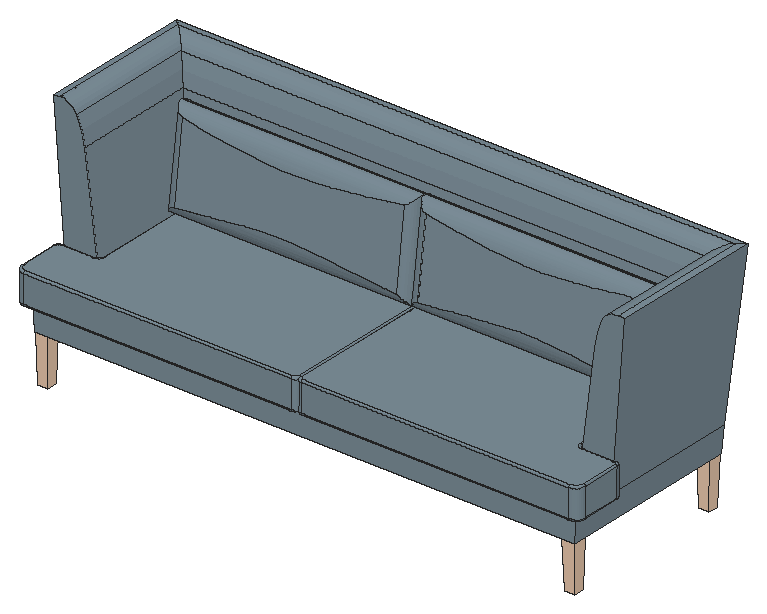
Revit family "FU_Sofa_Sandler_Lord Gerrit 2 221-54", category Furniture, Revit 2020
Family settings
  OmniClass Number = 23.40.20.00
  OmniClass Title = General Furniture and Specialties
  Work Plane-Based = No
  Always vertical = Yes
  Cut with Voids When Loaded = No
  Shared = No
  Room Calculation Point = No
Parameters (values of type "Lord Gerrit 2 221.54")
  Width = 2400 mm
  URL = "https://www.sandlerseating.com/product/lord-gerrit-2-221-55/"
  Seat [instance] = Fabric - Mainline Flax - Epping MLF51
  Model = "Lord Gerrit 221.54"
  Manufacturer = "Sandler"
  Height = 990 mm
  Frame [instance] = Wood - Beech - Walnut - V
  Description = "Fully upholstered high-arm sofa with solid oak, black walnut or beech frame"
  Depth = 870 mm
  Default Elevation = 0 mm
Reference planes
  plane 1 "Center (Front/Back)": y = 0
  plane 2: z = 0
  plane 3 "Center (Left/Right)": x = 0
  plane 4 "Right": x = -1200
  plane 5 "Left": x = 1200
  plane 6 "Back": y = 435
  plane 7 "Front": y = -435
  plane 8 "Height": z = 990
  plane 9 "Seat height": z = 440
  plane 10 "Cushion Base RIGHT": z = 310
  plane 11 "Seat Base RIGHT": z = 200
Forms (mm)
  Sweep 1, solid, material "Fabric - Mainline Flax - Epping MLF51" <- "Seat"
    path origin (0, 0, 990) x (-1, 0, 0) y (0, -1, 0)
      loop
        line (1200, 209) -> (1200, -435) -> (-1200, -435) -> (-1200, 209)
    profile "Pro_LG_221-53_Arm : Pro_LG_221-53_Arm" origin (-1200, 113, 990) x (-1, 0, 0) y (0, 0, 1)
      loop
        line (-66.013, -790) -> (-0.28, -3.353) -> (-28.078, 0.736)
        arc (-28.078, 0.736) -> (-68.88, -10.857) -> (-96.553, -43.002) r 73.773
        arc (-96.553, -43.002) -> (-116.741, -97.987) -> (-129.367, -155.183) r 435.453
        arc (-129.367, -155.183) -> (-172.969, -472.07) -> (-208.177, -790) r 12096.337
        line (-208.177, -790) -> (-66.013, -790)
  Blend 2, solid, material "Fabric - Mainline Flax - Epping MLF51" <- "Seat"
    base sketch origin (0, 0, 200) x (1, 0, 0) y (0, 1, 0)
      loop
        line (-1134.317, 371.773) -> (-1134.317, -390.935) -> (1134.739, -390.935) -> (1134.739, 371.773) -> (-1134.317, 371.773)
    top sketch origin (0, 0, 200) x (1, 0, 0) y (0, 1, 0)
      loop
        line (-1143.178, 378.178) -> (-1143.178, -390.935) -> (1143.178, -390.935) -> (1143.178, 378.178) -> (-1143.178, 378.178)
    from 0 to 110
  Blend 3, solid, material "Wood - Beech - Walnut - V" <- "Frame"
    base sketch origin (0, 0, 0) x (1, 0, 0) y (0, 1, 0)
      loop
        line (-1084.005, 324.09) -> (-1084.005, 366.09) -> (-1126.005, 366.09) -> (-1126.005, 324.09) -> (-1084.005, 324.09)
    top sketch origin (0, 0, 0) x (1, 0, 0) y (0, 1, 0)
      loop
        line (-1079.108, 319.773) -> (-1079.108, 371.773) -> (-1131.108, 371.773) -> (-1131.108, 319.773) -> (-1079.108, 319.773)
    from 0 to 200
  Blend 4, solid, material "Wood - Beech - Walnut - V" <- "Frame"
    base sketch origin (0, 0, 0) x (-1, 0, 0) y (0, -1, 0)
      loop
        line (-1084.005, -324.09) -> (-1126.005, -324.09) -> (-1126.005, -366.09) -> (-1084.005, -366.09) -> (-1084.005, -324.09)
    top sketch origin (0, 0, 0) x (-1, 0, 0) y (0, -1, 0)
      loop
        line (-1079.108, -319.773) -> (-1131.108, -319.773) -> (-1131.108, -371.773) -> (-1079.108, -371.773) -> (-1079.108, -319.773)
    from 0 to 200
  Blend 5, solid, material "Wood - Beech - Walnut - V" <- "Frame"
    base sketch origin (0, -17.134, 0) x (1, 0, 0) y (0, 1, 0)
      loop
        line (-1084.005, -324.09) -> (-1126.005, -324.09) -> (-1126.005, -366.09) -> (-1084.005, -366.09) -> (-1084.005, -324.09)
    top sketch origin (0, -17.134, 0) x (1, 0, 0) y (0, 1, 0)
      loop
        line (-1079.108, -319.773) -> (-1131.108, -319.773) -> (-1131.108, -371.773) -> (-1079.108, -371.773) -> (-1079.108, -319.773)
    from 0 to 200
  Blend 6, solid, material "Wood - Beech - Walnut - V" <- "Frame"
    base sketch origin (0, -17.134, 0) x (-1, 0, 0) y (0, -1, 0)
      loop
        line (-1084.005, 324.09) -> (-1084.005, 366.09) -> (-1126.005, 366.09) -> (-1126.005, 324.09) -> (-1084.005, 324.09)
    top sketch origin (0, -17.134, 0) x (-1, 0, 0) y (0, -1, 0)
      loop
        line (-1079.108, 319.773) -> (-1079.108, 371.773) -> (-1131.108, 371.773) -> (-1131.108, 319.773) -> (-1079.108, 319.773)
    from 0 to 200
  Extrusion 7, solid, material "Fabric - Mainline Flax - Epping MLF51" <- "Seat"
    sketch origin (0.021, -0.005, 310) x (1, 0, 0) y (0, 1, 0)
      loop
        line (-994.568, 236.232) -> (-994.568, -191.465)
        arc (-994.568, -191.465) -> (-1002.769, -211.264) -> (-1022.568, -219.465) r 28
        line (-1022.568, -219.465) -> (-1162.102, -219.465)
        arc (-1162.102, -219.465) -> (-1169.173, -222.394) -> (-1172.102, -229.465) r 10
        line (-1172.102, -229.465) -> (-1172.102, -395.852)
        arc (-1172.102, -395.852) -> (-1163.901, -415.651) -> (-1144.102, -423.852) r 28
        line (-1144.102, -423.852) -> (-20.015, -423.852)
        arc (-20.015, -423.852) -> (-12.944, -420.923) -> (-10.015, -413.852) r 10
        line (-10.015, -413.852) -> (-10.015, 236.232) -> (-994.568, 236.232)
    from 0 to 130
  Extrusion 8, solid, material "Fabric - Mainline Flax - Epping MLF51" <- "Seat"
    sketch origin (-0.021, -0.005, 310) x (-1, 0, 0) y (0, -1, 0)
      loop
        line (-994.568, -236.232) -> (-10.015, -236.232) -> (-10.015, 413.852)
        arc (-10.015, 413.852) -> (-12.944, 420.923) -> (-20.015, 423.852) r 10
        line (-20.015, 423.852) -> (-1144.102, 423.852)
        arc (-1144.102, 423.852) -> (-1163.901, 415.651) -> (-1172.102, 395.852) r 28
        line (-1172.102, 395.852) -> (-1172.102, 229.465)
        arc (-1172.102, 229.465) -> (-1169.173, 222.394) -> (-1162.102, 219.465) r 10
        line (-1162.102, 219.465) -> (-1022.568, 219.465)
        arc (-1022.568, 219.465) -> (-1002.769, 211.264) -> (-994.568, 191.465) r 28
        line (-994.568, 191.465) -> (-994.568, -236.232)
    from 0 to 130
  Sweep 9, solid, material "Fabric - Mainline Flax - Epping MLF51" <- "Seat"
    path in 3D
      loop
        arc (-19.994, -423.857, 440) -> (-12.923, -420.928, 440) -> (-9.994, -413.857, 440) r 10
        line (-9.994, -413.857, 440) -> (-9.994, 236.227, 440) -> (-994.547, 236.227, 440) -> (-994.547, -191.471, 440)
        arc (-994.547, -191.471, 440) -> (-1002.748, -211.27, 440) -> (-1022.547, -219.471, 440) r 28
        line (-1022.547, -219.471, 440) -> (-1162.081, -219.471, 440)
        arc (-1162.081, -219.471, 440) -> (-1169.152, -222.4, 440) -> (-1172.081, -229.471, 440) r 10
        line (-1172.081, -229.471, 440) -> (-1172.081, -395.857, 440)
        arc (-1172.081, -395.857, 440) -> (-1163.88, -415.656, 440) -> (-1144.081, -423.857, 440) r 28
        line (-1144.081, -423.857, 440) -> (-19.994, -423.857, 440)
    profile "Pro_LG_SeatEdge : Pro_LG_SeatEdge" origin (-582.037, -423.857, 440) x (0, 1, 0) y (0, 0, 1)
      loop
        line (0, 0) -> (-2.5, 0)
        arc (-2.5, 0) -> (-7.803, -2.197) -> (-10, -7.5) r 7.5
        line (-10, -7.5) -> (-10, -125)
        arc (-10, -125) -> (-8.536, -128.536) -> (-5, -130) r 5
        line (-5, -130) -> (0, -130) -> (0, 0)
  Sweep 10, solid, material "Fabric - Mainline Flax - Epping MLF51" <- "Seat"
    path in 3D
      loop
        arc (1144.081, -423.857, 440) -> (1163.88, -415.656, 440) -> (1172.081, -395.857, 440) r 28
        line (1172.081, -395.857, 440) -> (1172.081, -229.471, 440)
        arc (1172.081, -229.471, 440) -> (1169.152, -222.4, 440) -> (1162.081, -219.471, 440) r 10
        line (1162.081, -219.471, 440) -> (1022.547, -219.471, 440)
        arc (1022.547, -219.471, 440) -> (1002.748, -211.27, 440) -> (994.547, -191.471, 440) r 28
        line (994.547, -191.471, 440) -> (994.547, 236.227, 440) -> (9.994, 236.227, 440) -> (9.994, -413.857, 440)
        arc (9.994, -413.857, 440) -> (12.923, -420.928, 440) -> (19.994, -423.857, 440) r 10
        line (19.994, -423.857, 440) -> (1144.081, -423.857, 440)
    profile "Pro_LG_SeatEdge : Pro_LG_SeatEdge" origin (582.037, -423.857, 440) x (0, 1, 0) y (0, 0, 1)
      loop
        line (0, 0) -> (-2.5, 0)
        arc (-2.5, 0) -> (-7.803, -2.197) -> (-10, -7.5) r 7.5
        line (-10, -7.5) -> (-10, -125)
        arc (-10, -125) -> (-8.536, -128.536) -> (-5, -130) r 5
        line (-5, -130) -> (0, -130) -> (0, 0)
Cuts and joins
  joined: Sweep 1, Blend 2
  joined: Extrusion 7, Sweep 9
  joined: Extrusion 8, Sweep 10
Lines and regions (mm)
  sketch lines
    curve 1: line (-1144.081, -423.857, 440) -> (-19.994, -423.857, 440)
    curve 2: arc (-9.994, -413.857, 440) -> (-12.923, -420.928, 440) -> (-19.994, -423.857, 440) r 10
    curve 3: line (-9.994, -413.857, 440) -> (-9.994, 236.227, 440)
    curve 4: line (-9.994, 236.227, 440) -> (-994.547, 236.227, 440)
    curve 5: line (-994.547, 236.227, 440) -> (-994.547, -191.471, 440)
    curve 6: arc (-1022.547, -219.471, 440) -> (-1002.748, -211.27, 440) -> (-994.547, -191.471, 440) r 28
    curve 7: line (-1022.547, -219.471, 440) -> (-1162.081, -219.471, 440)
    curve 8: arc (-1172.081, -229.471, 440) -> (-1169.152, -222.4, 440) -> (-1162.081, -219.471, 440) r 10
    curve 9: line (-1172.081, -229.471, 440) -> (-1172.081, -395.857, 440)
    curve 10: arc (-1144.081, -423.857, 440) -> (-1163.88, -415.656, 440) -> (-1172.081, -395.857, 440) r 28
    curve 11: line (19.994, -423.857, 440) -> (1144.081, -423.857, 440)
    curve 12: arc (1172.081, -395.857, 440) -> (1163.88, -415.656, 440) -> (1144.081, -423.857, 440) r 28
    curve 13: line (1172.081, -395.857, 440) -> (1172.081, -229.471, 440)
    curve 14: arc (1162.081, -219.471, 440) -> (1169.152, -222.4, 440) -> (1172.081, -229.471, 440) r 10
    curve 15: line (1162.081, -219.471, 440) -> (1022.547, -219.471, 440)
    curve 16: arc (994.547, -191.471, 440) -> (1002.748, -211.27, 440) -> (1022.547, -219.471, 440) r 28
    curve 17: line (994.547, -191.471, 440) -> (994.547, 236.227, 440)
    curve 18: line (994.547, 236.227, 440) -> (9.994, 236.227, 440)
    curve 19: line (9.994, 236.227, 440) -> (9.994, -413.857, 440)
    curve 20: arc (19.994, -423.857, 440) -> (12.923, -420.928, 440) -> (9.994, -413.857, 440) r 10
Dimensions and locks
  equal spacing: plane 4 "Right", plane 3 "Center (Left/Right)", plane 5 "Left"
  "Width": plane 4 "Right" to plane 5 "Left"
  equal spacing: plane 6 "Back", plane 1 "Center (Front/Back)", plane 7 "Front"
  "Depth": plane 6 "Back" to plane 7 "Front"
  "Height": plane 8 "Height" to level
  plane 9 "Seat height" to level = 440 mm
  aligned and locked: level to plane 2
  aligned and locked: Blend 3 to plane 11 "Seat Base RIGHT"
Automatic sketch dimensions
  Sweep 1 sketch curve to plane 5 "Left" = 0 mm
  Sweep 1 sketch curve to plane 4 "Right" = 0 mm
  Sweep 1 sketch curve to plane 6 "Back" = 0 mm
  plane 1 "Center (Front/Back)" to Sweep 1 sketch curve = 209 mm  (x2)
  Blend 2 sketch curve to plane 4 "Right" = 65.683 mm
  plane 5 "Left" to Blend 2 sketch curve = 65.261 mm
  plane 7 "Front" to Blend 2 sketch curve = 44.065 mm  (x2)
  Blend 2 sketch curve to plane 6 "Back" = 63.227 mm
  Blend 2 sketch curve to plane 4 "Right" = 56.822 mm
  plane 5 "Left" to Blend 2 sketch curve = 56.822 mm
  Blend 2 sketch curve to plane 6 "Back" = 56.822 mm
  Blend 3 sketch curve to plane 4 "Right" = 73.995 mm
  Blend 3 sketch curve to Blend 3 sketch curve = 42 mm  (x2)
  Blend 3 sketch curve to plane 6 "Back" = 110.91 mm
  Blend 3 sketch curve to plane 4 "Right" = 68.892 mm
  Blend 3 sketch curve to Blend 3 sketch curve = 52 mm  (x2)
  Blend 3 sketch curve to plane 6 "Back" = 115.227 mm
  Blend 4 sketch curve to plane 5 "Left" = 73.995 mm
  Blend 4 sketch curve to Blend 4 sketch curve = 42 mm  (x2)
  plane 6 "Back" to Blend 4 sketch curve = 110.91 mm
  Blend 4 sketch curve to plane 5 "Left" = 68.892 mm
  Blend 4 sketch curve to Blend 4 sketch curve = 52 mm  (x2)
  plane 6 "Back" to Blend 4 sketch curve = 115.227 mm
  plane 4 "Right" to Blend 5 sketch curve = 73.995 mm
  Blend 5 sketch curve to Blend 5 sketch curve = 42 mm  (x2)
  Blend 5 sketch curve to plane 7 "Front" = 93.776 mm
  plane 4 "Right" to Blend 5 sketch curve = 68.892 mm
  Blend 5 sketch curve to Blend 5 sketch curve = 52 mm
  Blend 5 sketch curve to plane 7 "Front" = 98.092 mm
  Blend 5 sketch curve to plane 7 "Front" = 46.092 mm
  plane 5 "Left" to Blend 6 sketch curve = 73.995 mm
  Blend 6 sketch curve to Blend 6 sketch curve = 42 mm  (x2)
  plane 7 "Front" to Blend 6 sketch curve = 93.776 mm
  plane 5 "Left" to Blend 6 sketch curve = 68.892 mm
  Blend 6 sketch curve to Blend 6 sketch curve = 52 mm
  plane 7 "Front" to Blend 6 sketch curve = 98.092 mm
  plane 7 "Front" to Blend 6 sketch curve = 46.092 mm
  Extrusion 7 sketch curve to plane 4 "Right" = 27.919 mm
  Extrusion 7 sketch curve to Extrusion 7 sketch curve = 10 mm
  Extrusion 7 sketch curve to Extrusion 7 sketch curve = 28 mm
  Extrusion 7 sketch curve to Extrusion 7 sketch curve = 139.534 mm
  Extrusion 7 sketch curve to plane 4 "Right" = 205.453 mm
  Extrusion 7 sketch curve to plane 3 "Center (Left/Right)" = 19.994 mm
  Extrusion 7 sketch curve to plane 3 "Center (Left/Right)" = 9.994 mm
  plane 7 "Front" to Extrusion 7 sketch curve = 11.143 mm
  Extrusion 7 sketch curve to Extrusion 7 sketch curve = 166.386 mm
  Extrusion 7 sketch curve to plane 6 "Back" = 198.773 mm
  Extrusion 8 sketch curve to plane 5 "Left" = 27.919 mm
  Extrusion 8 sketch curve to Extrusion 8 sketch curve = 10 mm
  Extrusion 8 sketch curve to Extrusion 8 sketch curve = 28 mm
  Extrusion 8 sketch curve to Extrusion 8 sketch curve = 139.534 mm
  Extrusion 8 sketch curve to plane 5 "Left" = 205.453 mm
  Extrusion 8 sketch curve to plane 3 "Center (Left/Right)" = 19.994 mm
  Extrusion 8 sketch curve to plane 3 "Center (Left/Right)" = 9.994 mm
  Extrusion 8 sketch curve to plane 7 "Front" = 11.143 mm
  Extrusion 8 sketch curve to Extrusion 8 sketch curve = 166.386 mm
  plane 6 "Back" to Extrusion 8 sketch curve = 198.773 mm
Nested families
  nested 1: "221-54 Cushion" at (-510, 213.82, 0), Seat <- "Seat", type "221-54 Cushion"
    with Seat Fabric - Mainline Flax - Epping MLF51
  nested 2: "221-54 Cushion" at (510, 213.82, 0) x (-1, 0, 0) z (0, 0, 1), Seat <- "Seat", type "221-54 Cushion"
    with Seat Fabric - Mainline Flax - Epping MLF51
Definition of nested family "221-54 Cushion"
  Parameters (values of type "221-54 Cushion")
    Width = 1020 mm
    Seat [instance] = none
    Height = 400 mm
    Depth = 120 mm
    Default Elevation = 0 mm
  Reference planes
    plane 1 "Center (Front/Back)": y = 0
    plane 2: z = 0
    plane 3 "Center (Left/Right)": x = 0
    plane 4 "Right": x = -510
    plane 5 "Left": x = 510
    plane 6 "Back": y = 60
    plane 7 "Front": y = -60
    plane 8 "Height": z = 840
    plane 9 "Seat height": z = 440
  Forms (mm)
    Sweep 1, solid, material <- "Seat"
      path origin (0, -83.633, 5.513) x (1, 0, 0) y (0, 0.130526, 0.991445)
        loop
          line (0, 440) -> (0, 840)
      profile origin (0, -0.096, 640.038) x (-1, 0, 0) y (0, -0.991445, 0.130526)
        loop
          arc (464.673, -49.781) -> (510, -0.051) -> (464.774, 49.772) r 50
          arc (464.774, 49.772) -> (0, 60.942) -> (-464.774, 49.772) r 9674.884
          arc (-464.774, 49.772) -> (-510, -0.051) -> (-464.673, -49.781) r 50
          arc (-464.673, -49.781) -> (0, -60.711) -> (464.673, -49.781) r 9883.127
    Extrusion 2, void
      sketch origin (0, -83.633, 5.513) x (0, 0.991445, -0.130526) y (0, 0.130526, 0.991445)
        loop
          spline (61.949, 735.991) -> (60.41, 762.566) -> (54.567, 787.539) -> (44.838, 809.129) -> (31.913, 825.799) -> (16.716, 836.361) -> (0.327, 840.062) -> (-16.085, 836.64) -> (-31.351, 826.337) -> (-44.383, 809.888) -> (-54.254, 788.464) -> (-60.259, 763.593) -> (-61.972, 737.045)
          line (-61.972, 737.045) -> (-61.972, 543.019)
          spline (-61.972, 543.019) -> (-60.259, 516.471) -> (-54.254, 491.599) -> (-44.383, 470.176) -> (-31.351, 453.727) -> (-16.085, 443.424) -> (0.327, 440.001) -> (16.716, 443.703) -> (31.913, 454.265) -> (44.838, 470.935) -> (54.567, 492.525) -> (60.41, 517.497) -> (61.949, 544.073)
          line (61.949, 544.073) -> (61.949, 735.991)
        loop
          line (-67.271, 848.892) -> (-67.271, 432.613) -> (67.748, 432.613) -> (67.748, 848.892) -> (-67.271, 848.892)
      from -520 to 520
  Cuts and joins
    Extrusion 2 cuts Sweep 1
  Dimensions and locks
    equal spacing: plane 4 "Right", plane 3 "Center (Left/Right)", plane 5 "Left"
    "Width": plane 4 "Right" to plane 5 "Left"
    equal spacing: plane 6 "Back", plane 1 "Center (Front/Back)", plane 7 "Front"
    "Depth": plane 6 "Back" to plane 7 "Front"
    "Height": plane 8 "Height" to plane 9 "Seat height"
    plane 9 "Seat height" to level = 440 mm
    aligned and locked: level to plane 2
  Automatic sketch dimensions
    Sweep 1 sketch curve to plane 3 "Center (Left/Right)" = 0 mm
    Sweep 1 sketch curve to Sweep 1 sketch curve = 400 mm
    profile plane to Sweep 1 sketch curve = 0 mm  (x2)
    Sweep 1 sketch curve to profile plane = 0 mm  (x2)
    profile plane to Sweep 1 sketch curve = 460 mm
    Sweep 1 sketch curve to profile plane = 460 mm
    Sweep 1 sketch curve to profile plane = 9613.942 mm
    profile plane to Sweep 1 sketch curve = 9822.416 mm
    Sweep 1 sketch curve to Sweep 1 sketch curve = 4.673 mm  (x2)
    Sweep 1 sketch curve to Sweep 1 sketch curve = 4.774 mm
    Sweep 1 sketch curve to profile plane = 49.781 mm
    plane 9 "Seat height" to Extrusion 2 sketch curve = 3.206 mm
    Extrusion 2 sketch curve to plane 7 "Front" = 33.861 mm
    Extrusion 2 sketch curve to Extrusion 2 sketch curve = 5.3 mm
    Extrusion 2 sketch curve to Extrusion 2 sketch curve = 123.92 mm
    Extrusion 2 sketch curve to Extrusion 2 sketch curve = 5.799 mm
    Extrusion 2 sketch curve to Extrusion 2 sketch curve = 110.406 mm
    Extrusion 2 sketch curve to Extrusion 2 sketch curve = 111.459 mm
    Extrusion 2 sketch curve to Extrusion 2 sketch curve = 191.918 mm
    Extrusion 2 sketch curve to Extrusion 2 sketch curve = 1.054 mm
    Extrusion 2 sketch curve to Extrusion 2 sketch curve = 111.847 mm
    Extrusion 2 sketch curve to Extrusion 2 sketch curve = 61.949 mm
    Extrusion 2 sketch curve to Extrusion 2 sketch curve = 0 mm
    Extrusion 2 sketch curve to Extrusion 2 sketch curve = 3.019 mm
    Extrusion 2 sketch curve to Extrusion 2 sketch curve = 0.063 mm
